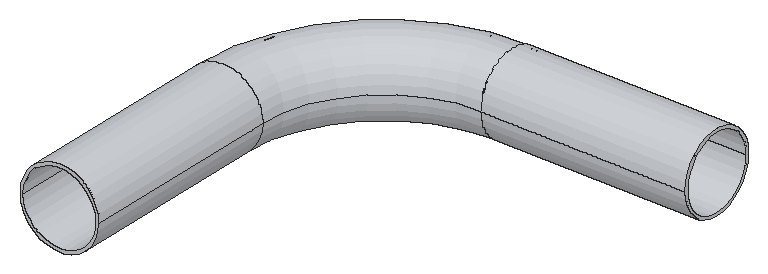
Revit family "SB2B", category Generic Models, Revit 2017
Family settings
  Can host rebar = No
  Round Connector Dimension = Use Diameter
  Part Type = Normal
  Work Plane-Based = Yes
  Always vertical = No
  Cut with Voids When Loaded = No
  Shared = No
  Room Calculation Point = No
Parameters (values of type "NBS Standard Parameters")
  Weight = "0.245Kg"
  WarrantyStartDate [instance] = "1900-12-31T23:59:59"
  WarrantyGuarantorParts = "n/a"
  WarrantyGuarantorLabor = "n/a"
  WarrantyDurationUnit = "1 year"
  WarrantyDurationParts = "n/a"
  WarrantyDurationLabor = "n/a"
  WarrantyDescription = "n/a"
  Version = "1"
  Uniclass2 = "Pr_65_70_11_20"
  TagNumber [instance] = "n/a"
  SustainabilityPerformance = "n/a"
  Size = "25mm"
  Shape = "n/a"
  SerialNumber [instance] = "n/a"
  Revision = "n/a"
  ReplacementCost = "n/a"
  ProductInformation = "www.metpro.co.uk/pdf/sb2g.pdf"
  NominalWidth = 125 mm
  NominalLength = 125 mm
  NominalHeight = 40 mm
  Name = ""
  NBSTypeID = ""
  NBSReference = "90-55-10/460"
  NBSOfficeMasterTag = ""
  NBSNote = ""
  NBSDescription = "Conduit Fittings"
  NBSCertification = ""
  ModelReference = "SB2B"
  ModelNumber = "n/a"
  Material = "Steel"
  ManufacturerURL = "www.metpro.co.uk"
  ManufacturerName = "Metpro Ltd"
  InstallationDate [instance] = "1900-12-31T23:59:59"
  IfcExportType = ""
  IfcExportAs = ""
  Grade = "n/a"
  Finish = "Black"
  Features = "n/a"
  ExpectedLife = "n/a"
  DurationUnit = "year"
  Description = "SB2B - 25mm Conduit Solid Bend"
  Default Elevation = 1219.2 mm
  Constituents = "n/a"
  Color = "n/a"
  CodePerformance = "n/a"
  Category = "n/a"
  BarCode [instance] = "n/a"
  BIMObjectName = "Metpro-metprolibrary_conduitfittings_metalcomponent_steelaccessories"
  Author = "Metpro Ltd"
  AssetType = ""
  AssetIdentifier [instance] = "n/a"
  AccessibilityPerformance = "n/a"
Reference planes
  plane 1 "Center (Front/Back)": y = 0
  plane 2: z = 0
  plane 3 "Center (Left/Right)": x = 0
Forms (mm)
  Sweep 1, solid
    path origin (10.708, 15.548, -22.737) x (0, -1, 0) y (1, 0, 0)
      loop
        line (91.987, -10.708) -> (21.987, -10.708)
        arc (21.987, -10.708) -> (-16.904, 5.402) -> (-33.013, 44.292) r 55
        line (-33.013, 44.292) -> (-33.013, 114.292)
    profile origin (0, -41.438, -22.737) x (-1, 0, 0) y (0, 0, 1)
      loop
        circle (0, 0) r 12.5
      loop
        circle (0, 0) r 13.5
Dimensions and locks
  aligned and locked: level to plane 2
